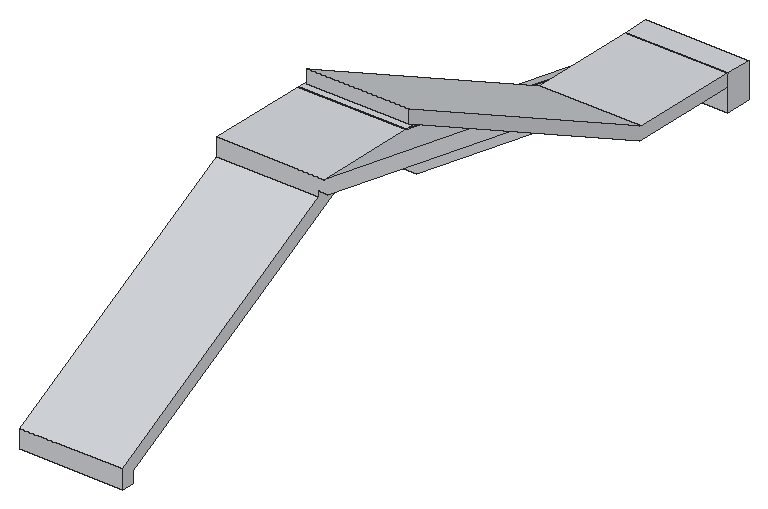
Revit family "BS_ThangBTCT_3 Vế", category Structural Framing, Revit 2019
Family settings
  Structural Framing Length Roundoff = 0 mm
  Section Shape = Not Defined
  Material for Model Behavior = Other
  Always export as geometry = No
  Work Plane-Based = No
  Always vertical = No
  Cut with Voids When Loaded = No
  Symbolic Representation = From Family
  Shared = No
  Show family pre-cut in plan views = Yes
Parameters
  Ẩn Dầm [instance] = yes
  x3 [instance] = 50 mm
  x2 [instance] = 50 mm
  x1 [instance] = 0 mm
  VatLieu_Thang [instance] = none
  VatLieu_Dam [instance] = none
  Tổng Chiều Cao [instance] = ChieuNghi_H1 + ChieuNghi_H2 + ChieuNghi_H3  # 4500 mm
  Rong.Thang_R2 [instance] = 1000 mm
  Rong.Thang_R1 [instance] = 1000 mm
  Rong.Thang_ChieuNghi [instance] = 1000 mm
  Off_ChanThang [instance] = 180 mm
  Không để x2 = 0 [instance] = ""
  Dầm_H [instance] = 350 mm
  Dầm_B [instance] = 250 mm
  Description = "0914922502"
  Dai.Thang_L2 [instance] = 2900 mm
  Dai.Thang_L1 [instance] = 2400 mm
  Dai.Thang_CN [instance] = 2200 mm
  ChieuNghi_H3 [instance] = 1400 mm
  ChieuNghi_H2 [instance] = 1600 mm
  ChieuNghi_H1 [instance] = 1500 mm
  BanThang_Dày [instance] = 120 mm
  BacThang_Cao [instance] = 175 mm
  BS_Đơn vị tư vấn = "BIM SPEED"
  BS_Người Tạo = "Hoàng Tới"
  Am [instance] = Dầm_B * (-1)  # -250 mm
Reference planes
  plane 1 "Center (Front/Back)": y = 0
  plane 2: z = 0
  plane 3 "Center (Left/Right)": x = 0
  plane 4 "CN2": z = 3100
  plane 5 "CN3": z = 4500
  plane 6 "CN1": z = 1500
  plane 7: x = 1000
  plane 8: y = 2400
  plane 9: y = 3400
  plane 10: x = 3200
  plane 11: x = 4200
  plane 12 "CN4": z = 1325
  plane 13 "CN5": z = 1380
  plane 14 "CN8": z = 2980
  plane 15 "CN9": z = 2925
  plane 16: y = -500
  plane 17: y = 2400
  plane 18: x = 1050
  plane 19: y = 2350
Forms (mm)
  Extrusion 1, solid, material <- "VatLieu_Thang"
    sketch origin (0, 0, 0) x (0, 1, 0) y (0, 0, 1)
      loop
        line (0, 0) -> (0, -180) -> (120, -180) -> (120, -70.823) -> (2747.906, 1380) -> (3400, 1380) -> (3400, 1500) -> (2400, 1500) -> (2400, 1325) -> (0, 0)
    from 0 to 1000
  Extrusion 2, solid, material <- "VatLieu_Thang"
    sketch origin (4200, 13578.109, 1200) x (0, 1, 0) y (0, 0, 1)
      loop
        line (-11178.109, 1780) -> (-11178.109, 1900) -> (-11228.109, 1900) -> (-14078.109, 3300) -> (-14078.109, 3166.303) -> (-11255.991, 1780) -> (-11178.109, 1780)
    from 0 to -1000
  Extrusion 3, solid, material <- "VatLieu_Thang"
    sketch origin (10952.917, 3400, 1200) x (1, 0, 0) y (0, 0, 1)
      loop
        line (-7752.917, 1725) -> (-9902.917, 300) -> (-9952.917, 300) -> (-9952.917, 180) -> (-9866.76, 180) -> (-7452.725, 1780) -> (-6752.917, 1780) -> (-6752.917, 1900) -> (-7752.917, 1900) -> (-7752.917, 1725)
    from 0 to 1000
  Extrusion 4, solid, material <- "VatLieu_Dam", visible <- "Ẩn Dầm"
    sketch origin (10952.917, 3400, 1200) x (1, 0, 0) y (0, 0, 1)
      loop
        line (-10952.917, 300) -> (-10952.917, -50) -> (-9797.459, -50) -> (-7383.424, 1550) -> (-6752.917, 1550) -> (-6752.917, 1900) -> (-7752.917, 1900) -> (-7752.917, 1725) -> (-9902.917, 300) -> (-10952.917, 300)
    from 0 to -250 <- "Am"
Cuts and joins
  joined: Extrusion 1, Extrusion 2, Extrusion 3
Dimensions and locks
  "ChieuNghi_H1": plane 2 to plane 6 "CN1"
  "ChieuNghi_H2": plane 6 "CN1" to plane 4 "CN2"
  "ChieuNghi_H3": plane 4 "CN2" to plane 5 "CN3"
  "Rong.Thang_R1": plane 3 "Center (Left/Right)" to plane 7
  "Rong.Thang_R2": plane 10 to plane 11
  "Dai.Thang_CN": plane 7 to plane 10
  "Dai.Thang_L1": plane 1 "Center (Front/Back)" to plane 8
  "Rong.Thang_ChieuNghi": plane 8 to plane 9
  "BacThang_Cao": plane 6 "CN1" to plane 12 "CN4"
  "BanThang_Dày": plane 6 "CN1" to plane 13 "CN5"
  "BanThang_Dày": Extrusion 1 sketch curve to Extrusion 1 sketch curve
  "ChieuNghi_H1": plane 6 "CN1" to plane 2
  plane 6 "CN1" to plane 12 "CN4" = 175 mm
  plane 6 "CN1" to plane 13 "CN5" = 120 mm
  "BanThang_Dày": plane 4 "CN2" to plane 14 "CN8"
  "BacThang_Cao": plane 4 "CN2" to plane 15 "CN9"
  "BanThang_Dày": Extrusion 1 sketch curve to plane 1 "Center (Front/Back)"
  "Off_ChanThang": Extrusion 1 sketch curve to plane 2
  "Dầm_H": plane 4 "CN2" to Extrusion 4 sketch curve
  "Dầm_H": plane 6 "CN1" to Extrusion 4 sketch curve
  "Dai.Thang_L2": plane 8 to plane 16
  plane 8 to plane 16 = 2900 mm
  plane 8 to plane 1 "Center (Front/Back)" = 2400 mm
  "x1": plane 8 to plane 17
  "x2": plane 7 to plane 18
  "BanThang_Dày": Extrusion 3 sketch curve to Extrusion 3 sketch curve
  "Dầm_H": Extrusion 4 sketch curve to Extrusion 4 sketch curve
  "x3": plane 8 to plane 19
  "BanThang_Dày": Extrusion 2 sketch curve to Extrusion 2 sketch curve
  aligned and locked: level to plane 2
  aligned and locked: plane 6 "CN1" to Extrusion 1 sketch curve
  aligned and locked: Extrusion 1 sketch curve to plane 8
  aligned and locked: Extrusion 1 sketch curve to plane 9
  aligned and locked: plane 8 to Extrusion 1 sketch curve
  aligned and locked: plane 12 "CN4" to Extrusion 1 sketch curve
  aligned and locked: Extrusion 1 sketch curve to plane 13 "CN5"
  aligned and locked: plane 1 "Center (Front/Back)" to Extrusion 1 sketch curve
  aligned and locked: plane 2 to Extrusion 1 sketch curve
  aligned and locked: Extrusion 1 to plane 3 "Center (Left/Right)"
  aligned and locked: plane 7 to Extrusion 1
  aligned and locked: Extrusion 2 to plane 10  (x2)
  aligned and locked: plane 11 to Extrusion 2  (x2)
  aligned and locked: Extrusion 3 sketch curve to plane 13 "CN5"
  aligned and locked: plane 10 to Extrusion 3 sketch curve
  aligned and locked: plane 15 "CN9" to Extrusion 3 sketch curve
  aligned and locked: Extrusion 3 sketch curve to plane 4 "CN2"
  aligned and locked: Extrusion 3 sketch curve to plane 11
  aligned and locked: plane 14 "CN8" to Extrusion 3 sketch curve
  aligned and locked: Extrusion 3 to plane 9
  aligned and locked: Extrusion 4 sketch curve to plane 4 "CN2"
  aligned and locked: plane 10 to Extrusion 4 sketch curve
  aligned and locked: plane 15 "CN9" to Extrusion 4 sketch curve
  aligned and locked: Extrusion 4 sketch curve to plane 11
  aligned and locked: Extrusion 4 sketch curve to plane 3 "Center (Left/Right)"
  aligned and locked: Extrusion 4 sketch curve to plane 6 "CN1"
  aligned and locked: plane 9 to Extrusion 4
  aligned and locked: Extrusion 2 sketch curve to plane 14 "CN8"
  aligned and locked: plane 16 to Extrusion 2 sketch curve
  aligned and locked: plane 7 to Extrusion 3 sketch curve
  aligned and locked: plane 18 to Extrusion 3 sketch curve
  aligned and locked: plane 6 "CN1" to Extrusion 3 sketch curve
  aligned and locked: plane 18 to Extrusion 4 sketch curve
  aligned and locked: plane 17 to cut or joined group of Extrusion 1, Extrusion 2, Extrusion 3
  aligned and locked: plane 8 to Extrusion 2 sketch curve
  aligned and locked: Extrusion 2 sketch curve to plane 4 "CN2"
  aligned and locked: plane 19 to Extrusion 2 sketch curve
  aligned and locked: plane 5 "CN3" to Extrusion 2 sketch curve
